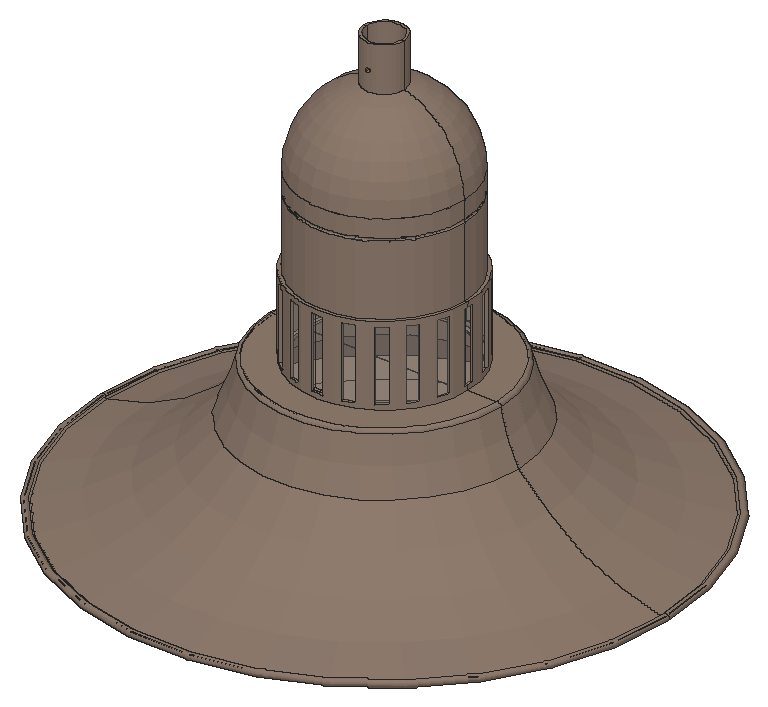
Revit family "BVF3002-H", category Generic Models, Revit 2014
Parameters
  GLASS = Glass
  BELL = Bronze, Architectural
Reference planes (in)
  plane 1 "Center (Front/Back)": y = 0
  plane 2: z = 0
  plane 3 "Center (Left/Right)": x = 0
Forms (in)
  Revolve 1, solid, material "Bronze, Architectural" <- "BELL"
    sketch origin (0.00028, 0, 0.0027) x (1, 0, 0) y (0, 0, 1)
      loop
        arc (-1.0625, 20.30254) -> (-3.35992, 18.79008) -> (-4.25, 16.1875) r 4.25
        line (-4.25, 16.1875) -> (-4.25, 15.25)
        arc (-4.25, 15.25) -> (-4.21143, 15.1875) -> (-4.25, 15.125) r 0.06992
        line (-4.25, 15.125) -> (-4.25, 11.4375) -> (-4.4375, 11.4375) -> (-4.4375, 7.25) -> (-4.3125, 7.25) -> (-4.3125, 11.3125) -> (-4.125, 11.3125) -> (-4.125, 15.0711)
        arc (-4.125, 15.0711) -> (-4.08643, 15.1875) -> (-4.125, 15.3039) r 0.19492
        line (-4.125, 15.3039) -> (-4.125, 16.1875)
        arc (-4.125, 16.1875) -> (-3.26592, 18.7073) -> (-1.0465, 20.17754) r 4.125
        line (-1.0465, 20.17754) -> (-0.68631, 20.17754) -> (-0.68631, 20.30254) -> (-1.0625, 20.30254)
      axis (0, 20.30254) -> (0, 7.25)
    angle from 0 to 360
  Extrusion 2, void
    sketch origin (0.00028, 0, 0.0027) x (1, 0, 0) y (0, 0, 1)
      loop
        line (0.3125, 11.18751) -> (-0.3125, 11.18751) -> (-0.3125, 7.50001) -> (0.3125, 7.50001) -> (0.3125, 11.18751)
    from 4.16109 to 4.59546
  Extrusion 3, void
    sketch origin (0.00028, 0, 0.0027) x (-1, 0, 0) y (0, 0, 1)
      loop
        line (0.3125, 11.18751) -> (-0.3125, 11.18751) -> (-0.3125, 7.50001) -> (0.3125, 7.50001) -> (0.3125, 11.18751)
    from 4.16109 to 4.59546
  Extrusion 4, void
    sketch origin (0.00028, 0, 0.0027) x (0.951057, -0.309017, 0) y (0, 0, 1)
      loop
        line (0.3125, 11.18751) -> (-0.3125, 11.18751) -> (-0.3125, 7.50001) -> (0.3125, 7.50001) -> (0.3125, 11.18751)
    from 4.16109 to 4.59546
  Extrusion 5, void
    sketch origin (0.00028, 0, 0.0027) x (-0.951057, 0.309017, 0) y (0, 0, 1)
      loop
        line (0.3125, 11.18751) -> (-0.3125, 11.18751) -> (-0.3125, 7.50001) -> (0.3125, 7.50001) -> (0.3125, 11.18751)
    from 4.16109 to 4.59546
  Extrusion 6, void
    sketch origin (0.00028, 0, 0.0027) x (0.809017, -0.587785, 0) y (0, 0, 1)
      loop
        line (0.3125, 11.18751) -> (-0.3125, 11.18751) -> (-0.3125, 7.50001) -> (0.3125, 7.50001) -> (0.3125, 11.18751)
    from 4.16109 to 4.59546
  Extrusion 7, void
    sketch origin (0.00028, 0, 0.0027) x (-0.809017, 0.587785, 0) y (0, 0, 1)
      loop
        line (0.3125, 11.18751) -> (-0.3125, 11.18751) -> (-0.3125, 7.50001) -> (0.3125, 7.50001) -> (0.3125, 11.18751)
    from 4.16109 to 4.59546
  Extrusion 8, void
    sketch origin (0.00028, 0, 0.0027) x (0.587785, -0.809017, 0) y (0, 0, 1)
      loop
        line (0.3125, 11.18751) -> (-0.3125, 11.18751) -> (-0.3125, 7.50001) -> (0.3125, 7.50001) -> (0.3125, 11.18751)
    from 4.16109 to 4.59546
  Extrusion 9, void
    sketch origin (0.00028, 0, 0.0027) x (-0.587785, 0.809017, 0) y (0, 0, 1)
      loop
        line (0.3125, 11.18751) -> (-0.3125, 11.18751) -> (-0.3125, 7.50001) -> (0.3125, 7.50001) -> (0.3125, 11.18751)
    from 4.16109 to 4.59546
  Extrusion 10, void
    sketch origin (0.00028, 0, 0.0027) x (0.309017, -0.951057, 0) y (0, 0, 1)
      loop
        line (0.3125, 11.18751) -> (-0.3125, 11.18751) -> (-0.3125, 7.50001) -> (0.3125, 7.50001) -> (0.3125, 11.18751)
    from 4.16109 to 4.59546
  Extrusion 11, void
    sketch origin (0.00028, 0, 0.0027) x (-0.309017, 0.951057, 0) y (0, 0, 1)
      loop
        line (0.3125, 11.18751) -> (-0.3125, 11.18751) -> (-0.3125, 7.50001) -> (0.3125, 7.50001) -> (0.3125, 11.18751)
    from 4.16109 to 4.59546
  Extrusion 12, void
    sketch origin (0.00028, 0, 0.0027) x (0, -1, 0) y (0, 0, 1)
      loop
        line (0.3125, 11.18751) -> (-0.3125, 11.18751) -> (-0.3125, 7.50001) -> (0.3125, 7.50001) -> (0.3125, 11.18751)
    from 4.16109 to 4.59546
  Extrusion 13, void
    sketch origin (0.00028, 0, 0.0027) x (0, 1, 0) y (0, 0, 1)
      loop
        line (0.3125, 11.18751) -> (-0.3125, 11.18751) -> (-0.3125, 7.50001) -> (0.3125, 7.50001) -> (0.3125, 11.18751)
    from 4.16109 to 4.59546
  Extrusion 14, void
    sketch origin (0.00028, 0, 0.0027) x (-0.309017, -0.951057, 0) y (0, 0, 1)
      loop
        line (0.3125, 11.18751) -> (-0.3125, 11.18751) -> (-0.3125, 7.50001) -> (0.3125, 7.50001) -> (0.3125, 11.18751)
    from 4.16109 to 4.59546
  Extrusion 15, void
    sketch origin (0.00028, 0, 0.0027) x (0.309017, 0.951057, 0) y (0, 0, 1)
      loop
        line (0.3125, 11.18751) -> (-0.3125, 11.18751) -> (-0.3125, 7.50001) -> (0.3125, 7.50001) -> (0.3125, 11.18751)
    from 4.16109 to 4.59546
  Extrusion 16, void
    sketch origin (0.00028, 0, 0.0027) x (-0.587785, -0.809017, 0) y (0, 0, 1)
      loop
        line (0.3125, 11.18751) -> (-0.3125, 11.18751) -> (-0.3125, 7.50001) -> (0.3125, 7.50001) -> (0.3125, 11.18751)
    from 4.16109 to 4.59546
  Extrusion 17, void
    sketch origin (0.00028, 0, 0.0027) x (0.587785, 0.809017, 0) y (0, 0, 1)
      loop
        line (0.3125, 11.18751) -> (-0.3125, 11.18751) -> (-0.3125, 7.50001) -> (0.3125, 7.50001) -> (0.3125, 11.18751)
    from 4.16109 to 4.59546
  Extrusion 18, void
    sketch origin (0.00028, 0, 0.0027) x (-0.793106, -0.609083, 0) y (0, 0, 1)
      loop
        line (0.3125, 11.18751) -> (-0.3125, 11.18751) -> (-0.3125, 7.50001) -> (0.3125, 7.50001) -> (0.3125, 11.18751)
    from 4.16109 to 4.59546
  Extrusion 19, void
    sketch origin (0.00028, 0, 0.0027) x (0.793106, 0.609083, 0) y (0, 0, 1)
      loop
        line (0.3125, 11.18751) -> (-0.3125, 11.18751) -> (-0.3125, 7.50001) -> (0.3125, 7.50001) -> (0.3125, 11.18751)
    from 4.16109 to 4.59546
  Extrusion 20, void
    sketch origin (0.00028, 0, 0.0027) x (-0.942506, -0.334189, 0) y (0, 0, 1)
      loop
        line (0.3125, 11.18751) -> (-0.3125, 11.18751) -> (-0.3125, 7.50001) -> (0.3125, 7.50001) -> (0.3125, 11.18751)
    from 4.16109 to 4.59546
  Extrusion 21, void
    sketch origin (0.00028, 0, 0.0027) x (0.942506, 0.334189, 0) y (0, 0, 1)
      loop
        line (0.3125, 11.18751) -> (-0.3125, 11.18751) -> (-0.3125, 7.50001) -> (0.3125, 7.50001) -> (0.3125, 11.18751)
    from 4.16109 to 4.59546
  Revolve 22, solid, material "Bronze, Architectural" <- "BELL"
    sketch origin (0.00028, 0, 0.0027) x (1, 0, 0) y (0, 0, 1)
      loop
        line (-1.0625, 22.61608) -> (-1.0625, 20.30254) -> (-0.9375, 20.30254) -> (-0.9375, 22.61608) -> (-1.0625, 22.61608)
      axis (0, 22.61608) -> (0, 20.30254)
    angle from 0 to 360
  Extrusion 23, void
    sketch origin (0.00028, 0, 0.0027) x (1, 0, 0) y (0, 0, 1)
      loop
        circle (0, 21.30254) r 0.125
    from -1.11088 to 1.10997
  Revolve 24, solid, material "Glass" <- "GLASS"
    sketch origin (0.00028, 0, 0.0027) x (1, 0, 0) y (0, 0, 1)
      loop
        line (-4.3125, 11.3125) -> (-4.3125, 7.125) -> (0, 7.125) -> (0, 11.3125) -> (-4.3125, 11.3125)
      axis (0, 11.3125) -> (0, 7.125)
    angle from 0 to 360
  Revolve 25, solid, material "Bronze, Architectural" <- "BELL"
    sketch origin (0.00145, 0, 0.00104) x (1, 0, 0) y (0, 0, 1)
      loop
        arc (-5.96003, 7.25) -> (-6.08927, 7.19834) -> (-6.1473, 7.07183) r 0.1875
        arc (-6.1473, 7.07183) -> (-6.52869, 5.73864) -> (-7.10572, 4.47774) r 9.2194
        arc (-7.10572, 4.47774) -> (-10.47715, 1.64986) -> (-14.61725, 0.15885) r 12.55661
        arc (-14.61725, 0.15885) -> (-14.74655, 0.12051) -> (-14.88142, 0.11909) r 0.48713
        arc (-14.88142, 0.11909) -> (-14.90635, 0.17202) -> (-14.84784, 0.1724) r 0.03472
        line (-14.84784, 0.1724) -> (-14.74294, 0.24038)
        arc (-14.74294, 0.24038) -> (-15.01212, 0.23864) -> (-14.89742, -0.00488) r 0.15972
        arc (-14.89742, -0.00488) -> (-14.73639, -0.00431) -> (-14.58109, 0.03824) r 0.61213
        arc (-14.58109, 0.03824) -> (-10.403, 1.54832) -> (-7.00212, 4.40677) r 12.68161
        arc (-7.00212, 4.40677) -> (-6.4114, 5.69541) -> (-6.02241, 7.05858) r 9.3444
        arc (-6.02241, 7.05858) -> (-6.00559, 7.10529) -> (-5.96003, 7.125) r 0.0625
        line (-5.96003, 7.125) -> (-4.11509, 7.125) -> (-4.11509, 7.25) -> (-5.96003, 7.25)
      axis (0, 7.25) -> (0, -0.00488)
    angle from 0 to 360
  Revolve 26, solid, material "Glass" <- "GLASS"
    sketch origin (0.00145, 0, 0.00104) x (1, 0, 0) y (0, 0, 1)
      loop
        line (-8.36459, 0.18) -> (-8.36459, 0.055) -> (0, 0.055) -> (0, 0.18) -> (-8.36459, 0.18)
      axis (0, 0.18) -> (0, 0.055)
    angle from 0 to 360
  Revolve 27, solid, material "Bronze, Architectural" <- "BELL"
    sketch origin (0.00145, 0, 0.00104) x (1, 0, 0) y (0, 0, 1)
      loop
        line (-8.49009, 0.4925) -> (-9.67759, 0.4925) -> (-9.67759, 0.1175) -> (-8.61509, 0.1175) -> (-8.61509, -0.195) -> (-7.99009, -0.195) -> (-7.99009, 0.055) -> (-8.49009, 0.055) -> (-8.49009, 0.4925)
      axis (0, 0.4925) -> (0, -0.195)
    angle from 0 to 360
  Revolve 28, solid, material "Bronze, Architectural" <- "BELL"
    sketch origin (0.00145, 0, 0.00104) x (1, 0, 0) y (0, 0, 1)
      loop
        line (-9.74007, 0.68) -> (-7.99009, 0.68) -> (-7.99009, 0.75) -> (-9.80046, 0.75) -> (-9.88152, 0.2903)
        arc (-9.88152, 0.2903) -> (-9.92426, 0.21645) -> (-10.00453, 0.1875) r 0.12441
        line (-10.00453, 0.1875) -> (-14.00318, 0.1875) -> (-14.29087, 0.1175) -> (-10.00453, 0.1175)
        arc (-10.00453, 0.1175) -> (-9.87949, 0.16287) -> (-9.81263, 0.27787) r 0.195
        line (-9.81263, 0.27787) -> (-9.74007, 0.68)
      axis (0, 0.75) -> (0, 0.1175)
    angle from 0 to 360
Cuts and joins
  Extrusion 2, Extrusion 3, Extrusion 4, Extrusion 5, Extrusion 6, Extrusion 7, Extrusion 8, Extrusion 9, Extrusion 10, Extrusion 11, Extrusion 12, Extrusion 13, Extrusion 14, Extrusion 15, Extrusion 16, Extrusion 17, Extrusion 18, Extrusion 19, Extrusion 20, Extrusion 21 cuts Revolve 1
  Extrusion 2 cuts Revolve 24
  Extrusion 23 cuts Revolve 22
Dimensions and locks (in)
  aligned and locked: plane 2 to level
